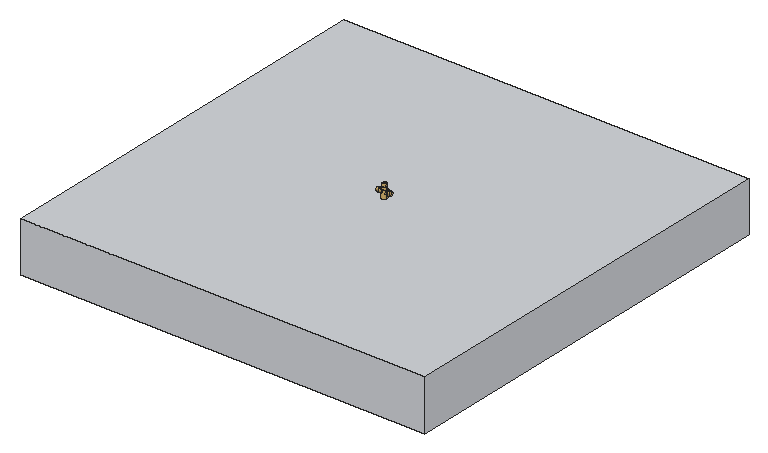
Revit family
Parameters (values of type "ST70-12")
  Waste Connection = no
  WFU = 0
  Voltage = 0
  Vent Connection = no
  URL = "http://www.acorneng.com/"
  Type Comments = ""
  Tempered Water Connection = yes
  ST70-12 - Brass Valve Body With 1/2” NPT Connections = yes
  Revised Date = "21/04/14"
  Phone# = "626-336-4561"
  Model = "ST70-12"
  Material = Brass
  Manufacturer = "Acorn Engineering Company"
  HWFU = 0
  HW Connection = yes
  Designed By = "Allied Technical Services"  # constant formula
  Description = "ST70-12 Brass Valve Body With 1/2” NPT Connections\r"
  Default Elevation = 0"
  CWFU = 0
  CW Connection = yes
  BCT-C-3/8" Brass Compression Tee , Chrome Plated = no
  BCT-3/8" Brass Compression Tee = no
  Assembly Code = "D2020300"
  Amperage = 0
Reference planes (in)
  plane 1 "Center (Front/Back)": y = 0
  plane 2: z = 0
  plane 3 "Center (Left/Right)": x = 0
  plane 4: z = 3.28843
  plane 5: z = 0.05892
  plane 6: x = -1.625
  plane 7: z = 1.55892
  plane 8: x = 1.625
Forms (in)
  Extrusion 1, solid
    sketch origin (0, 0, 0) x (1, 0, 0) y (0, 1, 0)
      loop
        line (-48, 48) -> (-48, -48) -> (48, -48) -> (48, 48) -> (-48, 48)
    from 0 to -12
  Revolve 2, solid, material "Brass" <- "Material"
    sketch origin (0, 0, 1.55892) x (1, 0, 0) y (0, 0, 1)
      loop
        line (-0.09546, -1.5) -> (-0.09546, -1.55892) -> (0, -1.55892) -> (0, 1.04419) -> (-0.25, 1.04419) -> (-0.25, 1.72951) -> (-0.38204, 1.72951) -> (-0.38204, 1.04419) -> (-0.41329, 1.04419) -> (-0.47836, 0.97912) -> (-0.47836, 0.55784)
        arc (-0.47836, 0.55784) -> (-0.50525, 0.4935) -> (-0.56992, 0.4674) r 0.09045
        line (-0.56992, 0.4674) -> (-0.56992, -1.31716) -> (-0.33262, -1.31716) -> (-0.33262, -1.5) -> (-0.09546, -1.5)
      axis (0, 1.72951) -> (0, -1.55892)
    angle from 0 to 360
  Revolve 3, solid, material "Brass" <- "Material"
    sketch origin (0, 0, 1.55892) x (1, 0, 0) y (0, 0, 1)
      loop
        line (-0.92012, 0) -> (0.92012, 0) -> (0.92012, 0.25) -> (1.625, 0.25) -> (1.625, 0.37339) -> (0.92012, 0.37339) -> (0.92012, 0.41518) -> (0.8679, 0.4674) -> (-0.8679, 0.4674) -> (-0.92012, 0.41518) -> (-0.92012, 0.37339) -> (-1.625, 0.37339) -> (-1.625, 0.25) -> (-0.92012, 0.25) -> (-0.92012, 0)
      axis (-1.625, 0) -> (1.625, 0)
    angle from 0 to 360
Dimensions and locks (in)
  aligned and locked: plane 2 to Extrusion 1
  aligned and locked: level to Extrusion 1
Connectors (in)
  piping at (-1.625, 0, 1.55892)
    settings: on Revolve 3, index 1
  piping at (0, 0, 3.28843)
    settings: on Revolve 2, index 2
  piping at (1.625, 0, 1.55892)
    settings: on Revolve 3, index 3
